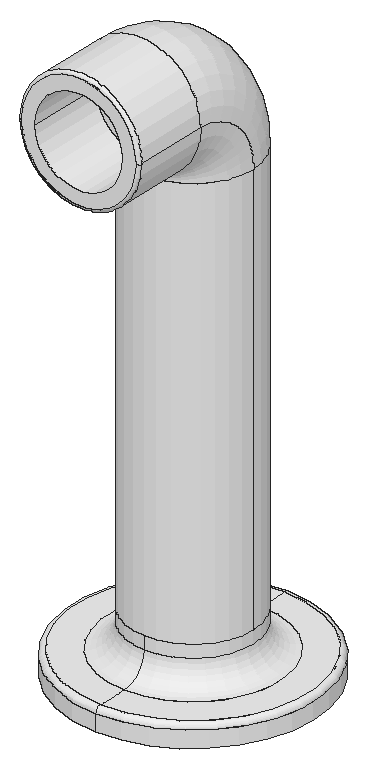
Revit family "xSpout-American_Standard-Studio_S-8888_Series", category Plumbing Fixtures, host Face, Revit 2014
Parameters (values of type "8888.316")
  Width = 2 3/4"  # constant formula
  Water Connection Radius = 1/4"  # constant formula
  Water Connection Diameter = Water Connection Radius * 2  # 1/2"
  Waste Connection = yes
  Warranty Information = "Limited Lifetime Function and Finish Warranty"  # constant formula
  WFU = 4  # constant formula
  Vent Connection = no
  URL = "https://www.americanstandard-us.com/"
  Type Comments = ""
  Product Page URL = "https://www.americanstandard-us.com/bathroom/shower-faucets/studio-s-slip-on-diverter-tub-spout-32028"
  Price = "Prices may vary. Please consult Manufacturer Representative for most up-to-date price list."  # constant formula
  Pop-up handle = no
  Model = "8888.316"
  Material = "Metal-American Standard-002-Polished Chrome"
  Manufacturer = "American Standard"  # constant formula
  Length = 6 1/8"  # constant formula
  Installation Type = "Wall Mounted"  # constant formula
  HWFU = 3  # constant formula
  HW Connection = yes
  Finish = Metal-American Standard-002-Polished Chrome
  Description = "Studio S Slip-On Non-Diverter Tub Spout"
  Default Elevation = 21"  # constant formula
  Creation Date = "01/11/2018"  # constant formula
  CWFU = 3  # constant formula
  CW Connection = yes
  Assembly Code = "D2020300"
Types (5): name | Pop-up handle | Model | Description
  (no name) | no | "8888.316" | "Studio S Slip-On Non-Diverter Tub Spout"
  8888.316 | no | "8888.316" | "Studio S Slip-On Non-Diverter Tub Spout"
  8888.317 | no | "8888.317" | "Studio S Non-Diverter 1/2 IPS Tub Spout"
  8888.318 | yes | "8888.318" | "Studio S Slip-On-Diverter Tub Spout"
  8888.319 | yes | "8888.319" | "Studio S Diverter 1/2 IPS Tub Spout"
Reference planes (in)
  plane 1 "Center (Front/Back)": y = 0
  plane 2: z = 0
  plane 3 "Center (Left/Right)": x = 0
  plane 4: z = 6.125
  plane 5: y = -1.375
  plane 6: y = 1.375
Forms (in)
  Revolve 1, solid, material "Metal-American Standard-002-Polished Chrome" <- "Finish"
    sketch origin (0, 0, 0) x (0, 1, 0) y (0, 0, 1)
      loop
        line (-1.375, 0) -> (0, 0) -> (0, 0.67712) -> (-0.68766, 0.67712) -> (-0.68766, 0.5358)
        arc (-0.68766, 0.5358) -> (-0.77137, 0.33371) -> (-0.97346, 0.25) r 0.2858
        line (-0.97346, 0.25) -> (-1.3127, 0.25)
        arc (-1.3127, 0.25) -> (-1.35675, 0.23175) -> (-1.375, 0.1877) r 0.0623
        line (-1.375, 0.1877) -> (-1.375, 0)
      axis (0, 0.67712) -> (0, 0)
    angle from 0 to 360
  Sweep 2, solid, material "Metal-American Standard-002-Polished Chrome" <- "Finish"
    path origin (0, 0, 0) x (0, 1, 0) y (0, 0, 1)
      loop
        line (0, 0.67712) -> (0, 5.375)
        arc (0, 5.375) -> (-0.21967, 5.90533) -> (-0.75, 6.125) r 0.75
        line (-0.75, 6.125) -> (-1.62033, 6.125)
    profile origin (0, 0, 3.02606) x (0, -1, 0) y (1, 0, 0)
      loop
        circle (0, 0) r 0.68766
  Revolve 3, solid, material "Metal-American Standard-002-Polished Chrome" <- "Finish", visible <- "Pop-up handle"
    sketch origin (0, 22.29942, 1) x (0, 1, 0) y (0, 0, 1)
      loop
        line (-22.11317, 5.38267) -> (-22.11317, 5.125) -> (-21.1241, 5.125)
        arc (-21.1241, 5.125) -> (-21.12565, 5.24508) -> (-21.13979, 5.36434) r 1.14382
        arc (-21.13979, 5.36434) -> (-21.14732, 5.37748) -> (-21.16155, 5.38267) r 0.02208
        line (-21.16155, 5.38267) -> (-22.11317, 5.38267)
      axis (-22.11317, 5.125) -> (-21.1241, 5.125)
    angle from 0 to 360
  Sweep 4, void
    path origin (0, -1.62033, 6.125) x (1, 0, 0) y (0, 0, 1)
      loop
        circle (0, 0) r 0.68766
    profile origin (0, -1.62033, 5.43734) x (0, 0, -1) y (0, -1, 0)
      loop
        line (0, 0) -> (-0.03547, 0)
        arc (-0.03547, 0) -> (-0.01039, -0.01039) -> (0, -0.03547) r 0.03547
        line (0, -0.03547) -> (0, 0)
  Extrusion 5, void
    sketch origin (0, 0, 0) x (1, 0, 0) y (0, 0, 1)
      loop
        circle (0, 6.125) r 0.5
    from 0.76092 to 1.62033
Cuts and joins
  Sweep 4, Extrusion 5 cuts Revolve 1
  Sweep 4, Extrusion 5 cuts Sweep 2
  joined: Revolve 1, Sweep 2
Lines and regions (in)
  Masking region 1
    outline origin (0, 0, 0) x (1, 0, 0) y (0, 0, 1)
      loop
        line (1.375, 0) -> (1.375, 0.19153)
        arc (1.375, 0.19153) -> (1.35766, 0.23339) -> (1.3158, 0.25073) r 0.0592
        line (1.3158, 0.25073) -> (0.97708, 0.25073)
        arc (0.97708, 0.25073) -> (0.77391, 0.33489) -> (0.68975, 0.53806) r 0.28733
        line (0.68975, 0.53806) -> (0.68975, 6.125)
        arc (0.68975, 6.125) -> (0, 6.81475) -> (-0.68975, 6.125) r 0.68975
        line (-0.68975, 6.125) -> (-0.68975, 0.53806)
        arc (-0.68975, 0.53806) -> (-0.77391, 0.33489) -> (-0.97708, 0.25073) r 0.28733
        line (-0.97708, 0.25073) -> (-1.3158, 0.25073)
        arc (-1.3158, 0.25073) -> (-1.35766, 0.23339) -> (-1.375, 0.19153) r 0.0592
        line (-1.375, 0.19153) -> (-1.375, 0) -> (1.375, 0)
  symbolic lines, visible <- "Pop-up handle", detail levels medium+fine
    curve 1: circle (0, 0, 6.125) r 0.25 normal (0, -1, 0)
  symbolic lines, detail levels medium+fine
    curve 2: line (0.97708, 0, 0.25073) -> (-0.97708, 0, 0.25073)
Dimensions and locks (in)
  "Length": plane 2 to plane 4
  "Width": plane 6 to plane 5
  plane 1 "Center (Front/Back)" to cut or joined group of Revolve 1, Sweep 2, Sweep 4, Extrusion 5 = 1.62033"
  aligned and locked: plane 2 to host face
  aligned and locked: level to host face
  aligned and locked: Sweep 2 to Extrusion 5
Automatic sketch dimensions
  host sketch curve to host sketch curve = 96"  (x2)
  Revolve 1 sketch curve to plane 5 = 0"
  Revolve 1 sketch curve to plane 1 "Center (Front/Back)" = 0"  (x2)
  Revolve 1 sketch curve to level = 0"
  plane 5 to Revolve 1 sketch curve = 0.0623"
  plane 5 to Revolve 1 sketch curve = 0.40154"
  Revolve 1 sketch curve to Revolve 1 sketch curve = 0.2858"
  Revolve 1 sketch curve to Revolve 1 sketch curve = 0.1877"
  Revolve 1 sketch curve to Revolve 1 sketch curve = 0.14132"
  Revolve 1 sketch curve to plane 4 = 1.07908"
  Revolve 1 sketch curve to Revolve 1 sketch curve = 1/2"
  plane 4 to Sweep 2 sketch curve = 0"
  Sweep 2 sketch curve to plane 1 "Center (Front/Back)" = 0"
  plane 5 to Sweep 2 sketch curve = 5/8"
  Sweep 2 sketch curve to plane 5 = 0.24533"
  level to Sweep 2 sketch curve = 0.67712"
  Sweep 2 sketch curve to plane 3 "Center (Left/Right)" = 0"
  Sweep 2 sketch curve to profile plane = 0"
  plane 4 to Revolve 3 sketch curve = 0"  (x2)
  Revolve 3 sketch curve to plane 1 "Center (Front/Back)" = 0.03241"
  Revolve 3 sketch curve to Revolve 3 sketch curve = 0.15385"
  plane 6 to Revolve 3 sketch curve = 0.23712"
  plane 6 to Revolve 3 sketch curve = 0.19968"
  Revolve 3 sketch curve to plane 4 = 0.04527"
  Revolve 3 sketch curve to plane 4 = 0.23559"
  Revolve 3 sketch curve to plane 4 = 0.25767"
  Revolve 3 sketch curve to Revolve 3 sketch curve = 0.05313"
  Revolve 3 sketch curve to Revolve 3 sketch curve = 0.05014"
  profile plane to Sweep 4 sketch curve = 0"
  Sweep 4 sketch curve to Sweep 4 sketch curve = 0"  (x2)
  Sweep 4 sketch curve to profile plane = 0"  (x3)
  profile plane to Sweep 4 sketch curve = 0.03547"
  Extrusion 5 sketch curve to plane 3 "Center (Left/Right)" = 0"
  Extrusion 5 sketch curve to plane 4 = 0"
  Masking region 1 sketch curve to level = 0"
  Masking region 1 sketch curve to plane 4 = 0"
  Masking region 1 sketch curve to plane 3 "Center (Left/Right)" = 0"
  Masking region 1 sketch curve to Masking region 1 sketch curve = 0.68975"
  Masking region 1 sketch curve to Masking region 1 sketch curve = 0.33872"  (x2)
  Masking region 1 sketch curve to Masking region 1 sketch curve = 0.0592"  (x2)
  Masking region 1 sketch curve to Masking region 1 sketch curve = 0.28733"  (x2)
  level to Masking region 1 sketch curve = 0.19153"
  Masking region 1 sketch curve to Masking region 1 sketch curve = 0.19153"
  curve 1 to plane 3 "Center (Left/Right)" = 0"
  curve 1 to plane 4 = 0"
  level to curve 2 = 0.25073"
  curve 2 to plane 3 "Center (Left/Right)" = 0.97708"
  plane 3 "Center (Left/Right)" to curve 2 = 0.97708"
  radius of Sweep 2 sketch curve = 0.68766"
  radius of Sweep 4 sketch curve to Sweep 2 = 0"
  radius of Extrusion 5 sketch curve = 1/2"
  radius of curve 1 = 1/4"
Connectors (in)
  piping at (0, 0, 0), diameter 0.5, driven by "Water Connection Diameter"
    settings: on cut or joined group of Revolve 1, Sweep 2, Sweep 4, Extrusion 5, index 1, connector inside diameter 24", connector length 0", flow factor 0, pipe flow 0 GPM, pressure drop 0.00 psi, fitting loss kfactor 0, connector angle 0.00°, fixture units 0, engagement length 0", angle of deflection 0.00°, flow configuration 0, flow direction 1, fitting loss method 0, system type 29, joint type 0, gender type 0, connector reference index -1, connector utility 0, adjustable connector no, is connector primary yes, connector description "1/2\" Water Supply Inlet"
